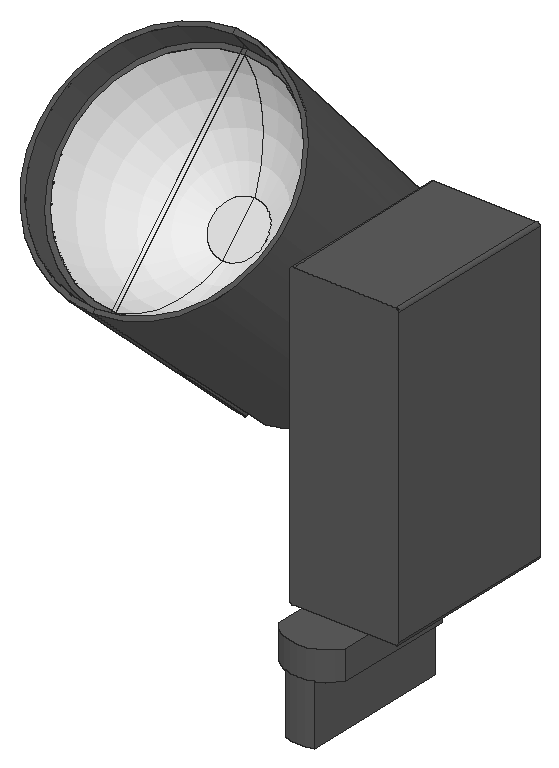
Revit family "0004892 Feilo Sylvania Lighting Fixture START TRACK SPOT L 55W 3K RA90 NB BLACK", category Lighting Fixtures, host Face, Revit 2017 (continued)
Definition of nested family "Start Track Spot Head"
  Types (96, lengths in mm): name | Wattage | built-in parameter 1150134 | Photometric Web File | Model | built-in parameter 1150105 | Lumens | built-in parameter 1150107 | built-in parameter 1150106 | HeadThickness_FEILO | HeadRibOffset_FEILO | HeadRibDepth_FEILO | HeadRibCutWidth_FEILO | HeadRibCutOffset_FEILO | HeadReflectorRadius_FEILO | HeadReflectorOffset_FEILO | HeadLEDRadius_FEILO | HeadHeight_FEILO | HeadDiffusorOffset_FEILO | HeadDiaOut_FEILO | HeadDiaIn_FEILO | HeadAxisFromTop_FEILO | Emit from Circle Diameter | built-in parameter 1150104 | Description | Apparent Load
    0004812 START TRACK SPOT S 14W 3K RA80 MB WHITE | 14 W | (empty or 0) | "0004812.ies" | "START TRACK SPOT S 14W 3K RA80 MB WHITE" | 120.32 (stored number, unit not read) | 1512 lm | 3000 (stored number, unit not read) | 1.2032 (stored number, unit not read) | 1.5 | 4.179 | 55.714 | 7.167 | 50.87 | 50.588 | 55.714 | 9.556 | 117 | 9.435 | 86 | 77.477 | 69.354 | 77.477 | 10.034 (stored number, unit not read) | "Integrated LED spotlight, Textured White - RAL9016, compact and minimalist design, ideal for retail applications, die-cast aluminium body, passive cooling heatsink. Beam angle: 36°, color temperature: 3000K , total system power: 14W, total fixture output: 1508 lm, LOR: 100%, colour rendering: Ra: 80 typical, LED Chromaticity: 3 step MacAdam ellipse, lifetime: >50000 hours at L70B50, energy class: A++, A+, A, IR/UV free light source without heat radiation, operating voltage: 220-240V / 50-60Hz, drive current: 350mA, electronic driver, non-dimmable, power factor: 0.92, electrical protection: Class II, Global Track 3 Phase adapter suitable for Global trac 3-circuit tracks, ingress protection rating: IP20, suitable for internal environment only, horizontal rotation: 355°, vertical tilt: 90°, dimensions: Ø86x140x200, weight: 0.940kg." | 14 VA
    0004811 START TRACK SPOT S 14W 3K RA80 NB WHITE | 14 W | (empty or 0) | "0004811.ies" | "START TRACK SPOT S 14W 3K RA80 NB WHITE" | 123.66 (stored number, unit not read) | 1554 lm | 3000 (stored number, unit not read) | 1.2366 (stored number, unit not read) | 1.5 | 4.179 | 55.714 | 7.167 | 50.87 | 50.588 | 55.714 | 9.556 | 117 | 9.435 | 86 | 77.477 | 69.354 | 77.477 | 10.312 (stored number, unit not read) | "Integrated LED spotlight, Textured White - RAL9016, compact and minimalist design, ideal for retail applications, die-cast aluminium body, passive cooling heatsink. Beam angle: 12°, color temperature: 3000K , total system power: 14W, total fixture output: 1551 lm, LOR: 100%, colour rendering: Ra: 80 typical, LED Chromaticity: 3 step MacAdam ellipse, lifetime: >50000 hours at L70B50, energy class: A++, A+, A, IR/UV free light source without heat radiation, operating voltage: 220-240V / 50-60Hz, drive current: 350mA, electronic driver, non-dimmable, power factor: 0.92, electrical protection: Class II, Global Track 3 Phase adapter suitable for Global trac 3-circuit tracks, ingress protection rating: IP20, suitable for internal environment only, horizontal rotation: 355°, vertical tilt: 90°, dimensions: Ø86x140x200, weight: 0.940kg." | 14 VA
  Reference planes
    plane 1 "Center (Front/Back)": y = 0
    plane 2: z = 0
    plane 3 "Center (Left/Right)": x = 0
    plane 4: x = 43
    plane 5: x = -43
    plane 6: x = -38.739
    plane 7: x = 38.739
    plane 8: z = 69.354
    plane 9: z = -47.646
    plane 10: x = -41.5
    plane 11: x = -37.239
    plane 12: z = -38.211
    plane 13: z = -35.211
    plane 14: z = 8.068
    plane 15: x = -9.556
    plane 16: x = -28.667
    plane 17: x = -19.111
    plane 18: x = -27.167
    plane 19: x = -17.611
    plane 20: x = -8.056
    plane 21: z = 13.64
    plane 22: x = -29.667
    plane 23: x = -26.167
    plane 24: x = -20.111
    plane 25: x = -16.611
    plane 26: x = -10.556
    plane 27: x = -7.056
    plane 28: x = -36.239
    plane 29: x = -40.5
    plane 30: z = 65.175
    plane 31: z = 60.997
    plane 32: z = 56.818
    plane 33: z = 18.484
    plane 34: y = -43
    plane 35: y = 43
    plane 36: y = 3.583
    plane 37: y = -3.583
    plane 38: y = -2.583
    plane 39: y = 2.583
    plane 40: y = 46
    plane 41: z = 13.5
    plane 42: z = -13.5
    plane 43: y = 39
    plane 44: x = 4.708
    plane 45: x = -2.458
    plane 46: x = -1.458
    plane 47: x = 1.458
  Forms (mm)
    Extrusion 1, solid
      sketch origin (4.2, 0, 0) x (1, 0, 0) y (0, 1, 0)
        loop
          line (-1219.2, 1219.2) -> (-1219.2, -1219.2) -> (1219.2, -1219.2) -> (1219.2, 1219.2) -> (-1219.2, 1219.2)
      from 0 to -68.017
    Revolve 2, solid, material <- "Material_1_FEILO", detail levels medium+fine
      sketch origin (0, 0, 0) x (1, 0, 0) y (0, 0, 1)
        loop
          line (-43, -47.646) -> (-41.5, -47.646) -> (-40.5, -35.211) -> (-38.739, -35.211)
          arc (-38.739, -35.211) -> (-30.16, -9.517) -> (-9.556, 8.068) r 50.588
          line (-9.556, 8.068) -> (0, 8.068) -> (0, 13.64) -> (-16.611, 13.64) -> (-17.611, 60.997) -> (-19.111, 60.997) -> (-20.111, 13.64) -> (-36.239, 13.64) -> (-37.239, 69.354) -> (-38.739, 69.354) -> (-43, -47.646)
        axis (0, 69.354) -> (0, -47.646)
      angle from 360 to 0
    Extrusion 3, void
      sketch origin (0, 0, 0) x (0, 1, 0) y (0, 0, 1)
        loop
          line (-3.583, 69.354) -> (-2.583, 18.484) -> (1.932, 18.484) -> (2.932, 69.354) -> (-3.583, 69.354)
      from 43 to -43
    Revolve 4, solid, material <- "Material_2_FEILO", detail levels medium+fine
      sketch origin (0, 0, 0) x (1, 0, 0) y (0, 0, 1)
        loop
          line (-41.5, -38.211) -> (0, -38.211) -> (0, -35.211) -> (-41.5, -35.211) -> (-41.5, -38.211)
        axis (0, -35.211) -> (0, -38.211)
      angle from 360 to 0
    Revolve 5, solid, material <- "Material_1_FEILO"
      sketch origin (0, 0, 0) x (0, 1, 0) y (0, 0, 1)
        loop
          line (46, 0) -> (39, 0) -> (39, -13.5) -> (46, -13.5) -> (46, 0)
        axis (39, 0) -> (46, 0)
      angle from 360 to 0
    Revolve 6, solid, material <- "Material_1_FEILO", detail levels medium+fine
      sketch origin (0, 0, 0) x (1, 0, 0) y (0, 0, 1)
        loop
          line (-29.667, 13.64) -> (-26.167, 13.64) -> (-27.167, 65.175) -> (-28.667, 65.175) -> (-29.667, 13.64)
        loop
          line (-10.556, 13.64) -> (-7.056, 13.64) -> (-7.833, 56.818) -> (-9.778, 56.818) -> (-10.556, 13.64)
        axis (0, 65.175) -> (0, 13.64)
      angle from 360 to 0
    Extrusion 7, void
      sketch origin (0, 0, 0) x (1, 0, 0) y (0, 0, 1)
        loop
          line (4.708, 69.354) -> (-2.458, 69.354) -> (-1.458, 13.64) -> (1.458, 13.64) -> (4.708, 69.354)
      from -43 to 43
    Revolve 8, solid, material <- "Material_1_FEILO", detail levels coarse
      sketch origin (0, 0, 0) x (1, 0, 0) y (0, 0, 1)
        loop
          line (0, 69.354) -> (-38.739, 69.354) -> (-43, -47.646) -> (-41.5, -47.646) -> (-40.731, -38.211) -> (0, -38.211) -> (0, 69.354)
        axis (0, 69.354) -> (0, -47.646)
      angle from 360 to 0
  Cuts and joins
    Extrusion 3 cuts Revolve 2
    Extrusion 7 cuts Revolve 6
  Dimensions and locks
    equal spacing: plane 7, plane 3 "Center (Left/Right)", plane 6
    equal spacing: plane 4, plane 3 "Center (Left/Right)", plane 5
    "HeadDiaOut_FEILO": plane 4 to plane 5
    "HeadDiaIn_FEILO": plane 7 to plane 6
    "HeadHeight_FEILO": plane 8 to plane 9
    "HeadThickness_FEILO": plane 10 to plane 5
    "HeadThickness_FEILO": plane 11 to plane 6
    "HeadDiffusorOffset_FEILO": plane 12 to plane 9
    "HeadDiffusorThickness_FEILO": plane 13 to plane 12
    "HeadReflectorOffset_FEILO": plane 14 to plane 9
    "HeadLEDRadius_FEILO": plane 3 "Center (Left/Right)" to plane 15
    "HeadLEDRadius_FEILO": plane 15 to plane 17
    "HeadLEDRadius_FEILO": plane 17 to plane 16
    "HeadThickness_FEILO": plane 18 to plane 16
    "HeadThickness_FEILO": plane 19 to plane 17
    "HeadThickness_FEILO": plane 20 to plane 15
    "HeadRibDepth_FEILO": plane 8 to plane 21
    "HeadDraft_FEILO": plane 16 to plane 22
    "HeadDraft_FEILO": plane 23 to plane 18
    "HeadDraft_FEILO": plane 17 to plane 24
    "HeadDraft_FEILO": plane 25 to plane 19
    "HeadDraft_FEILO": plane 15 to plane 26
    "HeadDraft_FEILO": plane 27 to plane 20
    "HeadDraft_FEILO": plane 29 to plane 10
    "HeadDraft_FEILO": plane 28 to plane 11
    "HeadRibOffset_FEILO": plane 8 to plane 30
    "HeadRibOffset_FEILO": plane 30 to plane 31
    "HeadRibOffset_FEILO": plane 31 to plane 32
    "HeadAxisFromTop_FEILO": plane 8 to plane 2
    "HeadRibCutOffset_FEILO": plane 8 to plane 33
    equal spacing: plane 34, plane 1 "Center (Front/Back)", plane 35
    "HeadDiaOut_FEILO": plane 34 to plane 35
    equal spacing: plane 38, plane 1 "Center (Front/Back)", plane 39
    equal spacing: plane 37, plane 1 "Center (Front/Back)", plane 36
    "HeadRibCutWidth_FEILO": plane 37 to plane 36
    "HeadDraft_FEILO": plane 37 to plane 38
    locked: plane 35 to plane 40 at 3
    equal spacing: plane 41, plane 2, plane 42
    locked: plane 42 to plane 41 at 27
    locked: plane 43 to plane 35 at 4
    equal spacing: plane 45, imposter light, plane 44
    "HeadDraft_FEILO": plane 46 to plane 45
    "HeadRibCutWidth_FEILO": plane 44 to plane 45
    equal spacing: plane 47, plane 3 "Center (Left/Right)", plane 46
    "HeadReflectorRadius_FEILO": radius of Revolve 2 sketch curve
    aligned and locked: plane 2 to Extrusion 1
    aligned and locked: level to Extrusion 1
    aligned and locked: Revolve 2 sketch curve to plane 3 "Center (Left/Right)"  (x2)
    aligned and locked: plane 9 to Revolve 2 sketch curve  (x2)
    aligned and locked: plane 5 to Revolve 2 sketch curve
    aligned and locked: plane 10 to Revolve 2 sketch curve
    aligned and locked: plane 14 to Revolve 2 sketch curve
    aligned and locked: plane 8 to Revolve 2 sketch curve
    aligned and locked: Revolve 2 sketch curve to plane 13
    aligned and locked: plane 12 to Revolve 4 sketch curve
    aligned and locked: plane 3 "Center (Left/Right)" to Revolve 4 sketch curve
    aligned and locked: Revolve 4 sketch curve to plane 10
    aligned and locked: Revolve 4 sketch curve to plane 3 "Center (Left/Right)"
    aligned and locked: plane 12 to imposter light
    aligned and locked: imposter light to plane 1 "Center (Front/Back)"
    aligned and locked: Revolve 5 sketch curve to plane 2
    aligned and locked: plane 43 to Revolve 5 sketch curve
    aligned and locked: plane 42 to Revolve 5 sketch curve
    aligned and locked: Revolve 6 sketch curve to plane 3 "Center (Left/Right)"
    aligned and locked: plane 22 to Revolve 6 sketch curve
    aligned and locked: plane 30 to Revolve 6 sketch curve
    aligned and locked: plane 23 to Revolve 6 sketch curve
    aligned and locked: Revolve 6 sketch curve to plane 21  (x2)
    aligned and locked: plane 21 to Revolve 6 sketch curve
    aligned and locked: plane 17 to Revolve 2 sketch curve
    aligned and locked: plane 19 to Revolve 2 sketch curve
    aligned and locked: plane 31 to Revolve 2 sketch curve
    aligned and locked: plane 21 to Revolve 2 sketch curve
    aligned and locked: Extrusion 3 to plane 8
    aligned and locked: plane 33 to Extrusion 3
    aligned and locked: plane 8 to Extrusion 3 sketch curve
    aligned and locked: Extrusion 3 sketch curve to plane 33
    aligned and locked: Extrusion 3 to plane 5
    aligned and locked: plane 4 to Extrusion 3
    aligned and locked: plane 32 to Revolve 6 sketch curve
    aligned and locked: plane 44 to Extrusion 7 sketch curve
    aligned and locked: Extrusion 7 sketch curve to plane 8
    aligned and locked: plane 46 to Extrusion 7 sketch curve
    aligned and locked: plane 21 to Extrusion 7 sketch curve
    aligned and locked: plane 34 to Extrusion 7
    aligned and locked: Extrusion 7 to plane 35
    aligned and locked: Revolve 4 sketch curve to plane 13
    aligned and locked: Revolve 5 sketch curve to plane 40
    aligned and locked: Revolve 8 sketch curve to plane 3 "Center (Left/Right)"
    aligned and locked: Revolve 8 sketch curve to cut or joined group of Revolve 2, Extrusion 3  (x3)
    aligned and locked: plane 5 to Revolve 8 sketch curve
    aligned and locked: plane 3 "Center (Left/Right)" to Revolve 8 sketch curve
    aligned and locked: plane 12 to Revolve 8 sketch curve
  Automatic sketch dimensions
    Extrusion 1 sketch curve to Extrusion 1 sketch curve = 2438.4 mm  (x2)
    Extrusion 3 sketch curve to plane 37 = 0 mm
    Extrusion 3 sketch curve to plane 38 = 0 mm
    plane 39 to Extrusion 3 sketch curve = 0.651 mm
    Extrusion 3 sketch curve to plane 39 = 0.349 mm
    Revolve 6 sketch curve to plane 16 = 0 mm
    Revolve 6 sketch curve to plane 18 = 0 mm
    Revolve 6 sketch curve to plane 26 = 0 mm
    Revolve 6 sketch curve to plane 27 = 0 mm
    Revolve 6 sketch curve to plane 15 = 0.222 mm
    plane 9 to Revolve 6 sketch curve = 559.103 mm
    Revolve 6 sketch curve to plane 8 = 2535.555 mm
    plane 20 to Revolve 6 sketch curve = 0.222 mm
    Revolve 2 sketch curve to plane 29 = 0 mm
    Revolve 2 sketch curve to plane 6 = 0 mm  (x2)
    Revolve 2 sketch curve to plane 11 = 0 mm
    Revolve 2 sketch curve to plane 21 = 0 mm
    Revolve 2 sketch curve to plane 28 = 0 mm
    Revolve 2 sketch curve to plane 24 = 0 mm
    Revolve 2 sketch curve to plane 25 = 0 mm
    Revolve 2 sketch curve to plane 15 = 0 mm
    Revolve 2 sketch curve to Revolve 2 sketch curve = 557.155 mm
    Revolve 2 sketch curve to plane 8 = 2535.558 mm
    Extrusion 7 sketch curve to plane 45 = 0 mm
    Extrusion 7 sketch curve to plane 47 = 0 mm
    plane 9 to Revolve 4 sketch curve = 559.103 mm
    Revolve 4 sketch curve to plane 8 = 2535.555 mm
    Revolve 5 sketch curve to level = 0 mm
    plane 34 to Revolve 5 sketch curve = 1968.092 mm
    Revolve 5 sketch curve to plane 40 = 1405.763 mm
    Revolve 8 sketch curve to plane 6 = 0 mm
    Revolve 8 sketch curve to plane 29 = 0.231 mm
    plane 9 to Revolve 8 sketch curve = 559.103 mm
    Revolve 8 sketch curve to Revolve 8 sketch curve = 2535.555 mm
Definition of nested family "Start Track Spot Box"
  Parameters (values of type "Type Large White")
    URL = "http://www.feilosylvania.com"
    Type Image = (empty or 0)
    Type Comments = "n/a"
    Small_FEILO = no
    Material_3_FEILO = none
    Model = ""
    Manufacturer = "Feilo Sylvania"
    Keynote = ""
    Material_2_FEILO = none
    Description = ""
    Default Elevation = 1219.2 mm
    Cost = 0
    Material_1_FEILO = none
    BoxWidth_FEILO = 49 mm
    BoxStartAngle_FEILO [instance] = 0.00°
    BoxRadius_FEILO = 1.5 mm
    BoxHeight_FEILO = if(Small_FEILO, 112 mm, 136 mm)  # 136 mm
    BoxEndAngle_FEILO [instance] = BoxStartAngle_FEILO - 180.00°  # -180.00°
    BoxDepth_FEILO = if(Small_FEILO, 71.5 mm, 79 mm)  # 79 mm
    BoxAxisVerticalOffset_FEILO = 16 mm
    BoxAxisOffset_FEILO = BoxHeight_FEILO / 6.8  # 20 mm
    Assembly Code = ""
    Material_4_FEILO = none
  Types (4, lengths in mm): name | Small_FEILO | BoxHeight_FEILO | BoxDepth_FEILO | BoxAxisOffset_FEILO
    Type Large White | no | 136 | 79 | 20
    Type Small White | yes | 112 | 71.5 | 16.471
    Type Small Black | yes | 112 | 71.5 | 16.471
    Type Large Black | no | 136 | 79 | 20
  Reference planes
    plane 1 "Center (Front/Back)": y = 0
    plane 2: z = 0
    plane 3 "Center (Left/Right)": x = 0
    plane 4: x = 24.5
    plane 5: x = -24.5
    plane 6: y = 68
    plane 7: y = -68
    plane 8: z = 39.5
    plane 9: z = -39.5
    plane 10: y = -48
    plane 11: x = 30.5
    plane 12: x = 8.5
    plane 13: x = 21.5
    plane 14: y = 70
    plane 15: y = 72
    plane 16: x = 19.5
  Forms (mm)
    Extrusion 1, solid
      sketch origin (4.2, 0, 0) x (1, 0, 0) y (0, 1, 0)
        loop
          line (-1219.2, 1219.2) -> (-1219.2, -1219.2) -> (1219.2, -1219.2) -> (1219.2, 1219.2) -> (-1219.2, 1219.2)
      from 0 to -68.017
    Extrusion 2, solid, material <- "Material_1_FEILO"
      sketch origin (0, 0, 0) x (1, 0, 0) y (0, 1, 0)
        loop
          arc (-23, 68) -> (-24.061, 67.561) -> (-24.5, 66.5) r 1.5
          line (-24.5, 66.5) -> (-24.5, -66.5)
          arc (-24.5, -66.5) -> (-24.061, -67.561) -> (-23, -68) r 1.5
          line (-23, -68) -> (23, -68)
          arc (23, -68) -> (24.061, -67.561) -> (24.5, -66.5) r 1.5
          line (24.5, -66.5) -> (24.5, 66.5)
          arc (24.5, 66.5) -> (24.061, 67.561) -> (23, 68) r 1.5
          line (23, 68) -> (-23, 68)
      from -39.5 to 39.5
    Revolve 3, solid, not visible
      sketch origin (0, 0, 0) x (1, 0, 0) y (0, 1, 0)
        loop
          line (30.5, -48) -> (24.5, -48) -> (24.5, -68) -> (30.5, -68) -> (30.5, -48)
        axis (30.5, -48) -> (24.5, -48)
      angle from 0 <- "BoxStartAngle_FEILO" to -180 <- "BoxEndAngle_FEILO"
    Revolve 4, solid, material <- "Material_2_FEILO"
      sketch origin (0, 0, 0) x (1, 0, 0) y (0, 1, 0)
        loop
          line (8.5, 68) -> (19.5, 68) -> (19.5, 70) -> (21.5, 70) -> (21.5, 72) -> (8.5, 72) -> (8.5, 68)
        axis (8.5, 72) -> (8.5, 68)
      angle from 360 to 0
  Dimensions and locks
    equal spacing: plane 5, plane 3 "Center (Left/Right)", plane 4
    "BoxWidth_FEILO": plane 5 to plane 4
    equal spacing: plane 7, plane 1 "Center (Front/Back)", plane 6
    "BoxHeight_FEILO": plane 7 to plane 6
    equal spacing: plane 8, plane 2, plane 9
    "BoxDepth_FEILO": plane 8 to plane 9
    "BoxAxisOffset_FEILO": plane 7 to plane 10
    locked: plane 4 to plane 11 at 6
    "BoxAxisVerticalOffset_FEILO": plane 12 to plane 4
    locked: plane 12 to plane 13 at 13
    plane 6 to plane 14 to plane 15 = 2 mm locked, 2 mm locked
    locked: plane 12 to plane 16 at 11
    "BoxRadius_FEILO": radius of Extrusion 2 sketch curve  (x4)
    aligned and locked: plane 2 to Extrusion 1
    aligned and locked: level to Extrusion 1
    aligned and locked: plane 6 to Extrusion 2 sketch curve
    aligned and locked: plane 5 to Extrusion 2 sketch curve
    aligned and locked: Extrusion 2 sketch curve to plane 7
    aligned and locked: Extrusion 2 sketch curve to plane 4
    aligned and locked: Extrusion 2 to plane 8
    aligned and locked: plane 9 to Extrusion 2
    aligned and locked: Revolve 3 sketch curve to plane 10  (x2)
    aligned and locked: plane 11 to Revolve 3 sketch curve
    aligned and locked: Revolve 3 sketch curve to plane 4
    aligned and locked: plane 7 to Revolve 3 sketch curve
    aligned and locked: Revolve 4 sketch curve to plane 12
    aligned and locked: plane 6 to Revolve 4 sketch curve
    aligned and locked: plane 12 to Revolve 4 sketch curve
    aligned and locked: plane 15 to Revolve 4 sketch curve
    aligned and locked: Revolve 4 sketch curve to plane 13
    aligned and locked: Revolve 4 sketch curve to plane 14
    aligned and locked: Revolve 4 sketch curve to plane 16
    aligned and locked: Revolve 4 sketch curve to plane 6
  Automatic sketch dimensions
    Extrusion 1 sketch curve to Extrusion 1 sketch curve = 2438.4 mm  (x2)
    Revolve 3 sketch curve to plane 5 = 1499.5 mm
    plane 11 to Revolve 3 sketch curve = 1493.5 mm
    plane 15 to Revolve 4 sketch curve = 0 mm
    plane 7 to Revolve 4 sketch curve = 1456 mm
    Revolve 4 sketch curve to plane 15 = 1452 mm
